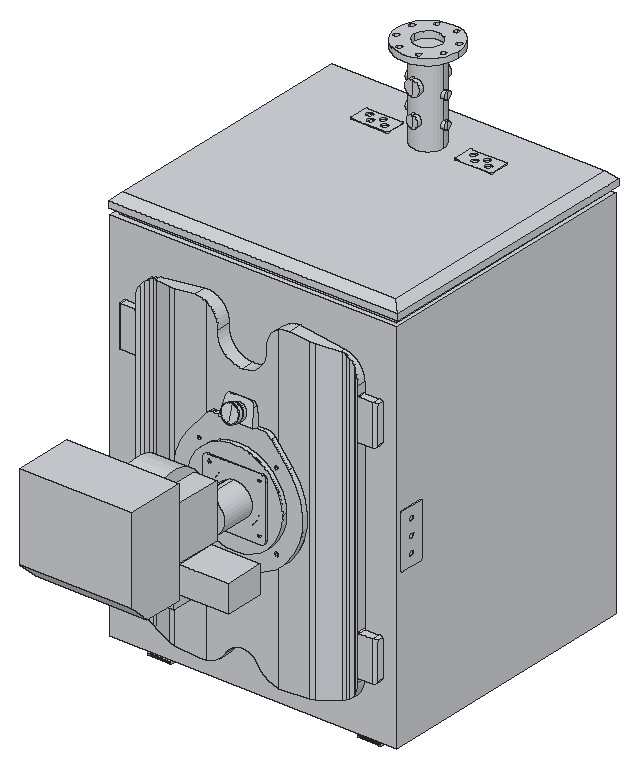
Revit family
Parameters
  Show Burner = yes
  Model = "TS-95-83"
  Manufacturer = "Burnham Commercial Boilers"
  Description = "MPC 5 Boiler"
  Burner = C1-GO-10_MOD_UL : Low Detail
Reference planes (in)
  plane 1 "Center (Front/Back)": y = 0
  plane 2: z = 0
  plane 3 "Left": x = -21.14045
  plane 4 "Right": x = 21.18698
  plane 5 "Front": y = -32.01204
  plane 6 "Back": y = 8.46875
  plane 7 "Bottom": z = 1.9975
  plane 8 "Top 1": z = 57.31
  plane 9 "Top 2": z = 60.185
  plane 10 "Top 3": z = 73.625
Forms (in)
  Extrusion 1, solid
    sketch origin (0, 0, 0) x (1, 0, 0) y (0, 1, 0)
      loop
        line (-21.14045, 8.46875) -> (-21.14045, -32.01204) -> (21.18698, -32.01204) -> (21.18698, 8.46875) -> (-21.14045, 8.46875)
    from 57.31 to 60.185
  Sweep 2, void
    path origin (0, 0, 59.75) x (1, 0, 0) y (0, 1, 0)
      loop
        line (-21.14045, -32.01204) -> (21.18698, -32.01204) -> (21.18698, 8.46875) -> (-21.14045, 8.46875) -> (-21.14045, -32.01204)
    profile origin (-21.14045, -11.77165, 59.75) x (-1, 0, 0) y (0, 0, 1)
      loop
        line (0.04673, 0.435) -> (-1.0993, 0.435) -> (0.04673, -0.67171) -> (0.04673, 0.435)
      loop
        line (0.04673, -1.565) -> (-0.85445, -1.565) -> (-0.85445, -2.44) -> (0.04673, -2.44) -> (0.04673, -1.565)
  Extrusion 3, solid
    sketch origin (0, 0, 0) x (1, 0, 0) y (0, 1, 0)
      loop
        circle (0, 0) r 2.285
    from 60.185 to 72.375
  Extrusion 4, solid
    sketch origin (0, 0, 0) x (1, 0, 0) y (0, 1, 0)
      loop
        circle (0, 0) r 4.5
    from 72.745 to 73.625
  Extrusion 5, solid
    sketch origin (0, 0, 0) x (1, 0, 0) y (0, 1, 0)
      loop
        line (-21, 8.26109) -> (-21, -32.01204) -> (21, -32.01204) -> (21, 8.26109) -> (-21, 8.26109)
    from 1.9975 to 57.31
  Extrusion 6, solid
    sketch origin (0, -6.75, 0) x (0, 1, 0) y (0, 0, 1)
      loop
        line (-22.00296, 1.9975) -> (-22.03008, 1.57834)
        arc (-22.03008, 1.57834) -> (-22.07501, 1.39852) -> (-22.18046, 1.24609) r 0.51709
        line (-22.18046, 1.24609) -> (-22.79508, 0.63147)
        arc (-22.79508, 0.63147) -> (-22.89919, 0.55119) -> (-23.02029, 0.5) r 0.51299
        arc (-23.02029, 0.5) -> (-23.16259, 0.44106) -> (-23.22153, 0.29876) r 0.20124
        line (-23.22153, 0.29876) -> (-23.22153, 0.12275)
        arc (-23.22153, 0.12275) -> (-23.18558, 0.03595) -> (-23.09878, 0) r 0.12275
        line (-23.09878, 0) -> (-18.8952, 0) -> (-18.08816, 1.9975) -> (-22.00296, 1.9975)
    from 13.64682 to 17.0625
  Extrusion 7, solid, not visible
    sketch origin (0, 0, 0) x (0, 1, 0) y (0, 0, 1)
      loop
        line (-22.00296, 1.9975) -> (-22.03008, 1.57834)
        arc (-22.03008, 1.57834) -> (-22.07501, 1.39852) -> (-22.18046, 1.24609) r 0.51709
        line (-22.18046, 1.24609) -> (-22.79508, 0.63147)
        arc (-22.79508, 0.63147) -> (-22.89919, 0.55119) -> (-23.02029, 0.5) r 0.51299
        arc (-23.02029, 0.5) -> (-23.16259, 0.44106) -> (-23.22153, 0.29876) r 0.20124
        line (-23.22153, 0.29876) -> (-23.22153, 0.12275)
        arc (-23.22153, 0.12275) -> (-23.18558, 0.03595) -> (-23.09878, 0) r 0.12275
        line (-23.09878, 0) -> (-18.8952, 0) -> (-18.08816, 1.9975) -> (-22.00296, 1.9975)
    from 13.64682 to 17.0625
  Extrusion 8, solid
    sketch origin (0, -20.42056, 0) x (0, -1, 0) y (0, 0, 1)
      loop
        line (8.3324, 1.9975) -> (4.4176, 1.9975) -> (5.22464, 0) -> (9.42822, 0)
        arc (9.42822, 0) -> (9.51502, 0.03595) -> (9.55097, 0.12275) r 0.12275
        line (9.55097, 0.12275) -> (9.55097, 0.29876)
        arc (9.55097, 0.29876) -> (9.49203, 0.44106) -> (9.34973, 0.5) r 0.20124
        arc (9.34973, 0.5) -> (9.22863, 0.55119) -> (9.12452, 0.63147) r 0.51299
        line (9.12452, 0.63147) -> (8.5099, 1.24609)
        arc (8.5099, 1.24609) -> (8.40445, 1.39852) -> (8.35952, 1.57834) r 0.51709
        line (8.35952, 1.57834) -> (8.3324, 1.9975)
    from 13.64682 to 17.0625
  Extrusion 9, solid
    sketch origin (0, 20.42056, 0) x (0, 1, 0) y (0, 0, 1)
      loop
        line (-18.83816, 1.9975) -> (-22.75296, 1.9975) -> (-21.94592, 0) -> (-17.74234, 0)
        arc (-17.74234, 0) -> (-17.65554, 0.03595) -> (-17.61959, 0.12275) r 0.12275
        line (-17.61959, 0.12275) -> (-17.61959, 0.29876)
        arc (-17.61959, 0.29876) -> (-17.67853, 0.44106) -> (-17.82083, 0.5) r 0.20124
        arc (-17.82083, 0.5) -> (-17.94193, 0.55119) -> (-18.04604, 0.63147) r 0.51299
        line (-18.04604, 0.63147) -> (-18.66067, 1.24609)
        arc (-18.66067, 1.24609) -> (-18.76612, 1.39852) -> (-18.81104, 1.57834) r 0.51709
        line (-18.81104, 1.57834) -> (-18.83816, 1.9975)
    from 13.64682 to 17.0625
  Extrusion 10, solid
    sketch origin (0, -20.42056, 0) x (0, -1, 0) y (0, 0, 1)
      loop
        line (-22.00296, 1.9975) -> (-22.03008, 1.57834)
        arc (-22.03008, 1.57834) -> (-22.07501, 1.39852) -> (-22.18046, 1.24609) r 0.51709
        line (-22.18046, 1.24609) -> (-22.79508, 0.63147)
        arc (-22.79508, 0.63147) -> (-22.89919, 0.55119) -> (-23.02029, 0.5) r 0.51299
        arc (-23.02029, 0.5) -> (-23.16259, 0.44106) -> (-23.22153, 0.29876) r 0.20124
        line (-23.22153, 0.29876) -> (-23.22153, 0.12275)
        arc (-23.22153, 0.12275) -> (-23.18558, 0.03595) -> (-23.09878, 0) r 0.12275
        line (-23.09878, 0) -> (-18.8952, 0) -> (-18.08816, 1.9975) -> (-22.00296, 1.9975)
    from 13.64682 to 17.0625
  Extrusion 11, solid
    sketch origin (0, 27.02232, 0) x (0, 1, 0) y (0, 0, 1)
      loop
        line (-42.84376, 1.9975) -> (-42.07699, 0) -> (-39.07699, 0) -> (-38.3892, 1.9975) -> (-42.84376, 1.9975)
    from 13.64682 to 17.0625
  Extrusion 12, solid, not visible
    sketch origin (0, 27.02232, 0) x (0, 1, 0) y (0, 0, 1)
      loop
        line (-42.84376, 1.9975) -> (-42.07699, 0) -> (-39.07699, 0) -> (-38.3892, 1.9975) -> (-42.84376, 1.9975)
    from 13.64682 to 17.0625
  Extrusion 13, solid
    sketch origin (0, 33.78773, 0) x (0, 1, 0) y (0, 0, 1)
      loop
        line (-42.84376, 1.9975) -> (-42.07699, 0) -> (-39.07699, 0) -> (-38.3892, 1.9975) -> (-42.84376, 1.9975)
    from 13.64682 to 17.0625
  Extrusion 14, solid
    sketch origin (0, -13.53082, 0) x (0, -1, 0) y (0, 0, 1)
      loop
        line (2.29062, 1.9975) -> (-2.16394, 1.9975) -> (-1.47615, 0) -> (1.52385, 0) -> (2.29062, 1.9975)
    from 13.64682 to 17.0625
  Extrusion 15, solid
    sketch origin (0, -6.76541, 0) x (0, -1, 0) y (0, 0, 1)
      loop
        line (2.29062, 1.9975) -> (-2.16394, 1.9975) -> (-1.47615, 0) -> (1.52385, 0) -> (2.29062, 1.9975)
    from 13.64682 to 17.0625
  Extrusion 16, solid
    sketch origin (0, 0, -1.5) x (1, 0, 0) y (0, 1, 0)
      loop
        circle (0, 0) r 2.655
    from 73.875 to 74.245
  Extrusion 17, void
    sketch origin (0, 0, 0) x (1, 0, 0) y (0, 1, 0)
      loop
        circle (0, 0) r 2
    from 60.185 to 73.685
  Extrusion 18, void
    sketch origin (0, 0, 0) x (1, 0, 0) y (0, 1, 0)
      loop
        circle (-1.43525, 3.46364) r 0.37482
    from 72.375 to 73.685
  Extrusion 19, void
    sketch origin (2.87291, 0, 0) x (1, 0, 0) y (0, 1, 0)
      loop
        circle (-1.43525, 3.46364) r 0.37482
    from 72.375 to 73.685
  Extrusion 20, void
    sketch origin (-2.0293, -2.02839, 0) x (1, 0, 0) y (0, 1, 0)
      loop
        circle (-1.43525, 3.46364) r 0.37482
    from 72.375 to 73.685
  Extrusion 21, void
    sketch origin (-2.0293, -4.89852, 0) x (1, 0, 0) y (0, 1, 0)
      loop
        circle (-1.43525, 3.46364) r 0.37482
    from 72.375 to 73.685
  Extrusion 22, void
    sketch origin (0.00018, -6.928, 0) x (1, 0, 0) y (0, 1, 0)
      loop
        circle (-1.43525, 3.46364) r 0.37482
    from 72.375 to 73.685
  Extrusion 23, void
    sketch origin (2.87031, -6.928, 0) x (1, 0, 0) y (0, 1, 0)
      loop
        circle (-1.43525, 3.46364) r 0.37482
    from 72.375 to 73.685
  Extrusion 24, void
    sketch origin (4.8998, -4.89852, 0) x (1, 0, 0) y (0, 1, 0)
      loop
        circle (-1.43525, 3.46364) r 0.37482
    from 72.375 to 73.685
  Extrusion 25, void
    sketch origin (4.8998, -2.02839, 0) x (1, 0, 0) y (0, 1, 0)
      loop
        circle (-1.43525, 3.46364) r 0.37482
    from 72.375 to 73.685
  Extrusion 26, solid
    sketch origin (0, 0, 0) x (1, 0, 0) y (0, 0, 1)
      loop
        circle (0, 29) r 7
    from -10.11351 to -8.26109
  Extrusion 27, solid
    sketch origin (0.00197, -59.60366, 48.99101) x (0, 0, -1) y (-1, 0, 0)
      loop
        circle (0, 0) r 2.285
    from 67.79742 to 72.375
  Extrusion 28, solid
    sketch origin (0.00197, -59.60366, 48.99101) x (0, 0, -1) y (-1, 0, 0)
      loop
        circle (0, 0) r 4.5
    from 72.745 to 73.625
  Extrusion 29, solid
    sketch origin (0.00197, -61.10366, 48.99101) x (0, 0, -1) y (-1, 0, 0)
      loop
        circle (0, 0) r 2.655
    from 73.875 to 74.245
  Extrusion 30, void
    sketch origin (0.00197, -59.60366, 48.99101) x (0, 0, -1) y (-1, 0, 0)
      loop
        circle (0, 0) r 2
    from 67.79742 to 73.685
  Extrusion 31, void
    sketch origin (0.00197, -59.60366, 48.99101) x (0, 0, -1) y (-1, 0, 0)
      loop
        circle (-1.43525, 3.46364) r 0.37482
    from 72.375 to 73.685
  Extrusion 32, void
    sketch origin (0.00197, -59.60366, 46.1181) x (0, 0, -1) y (-1, 0, 0)
      loop
        circle (-1.43525, 3.46364) r 0.37482
    from 72.375 to 73.685
  Extrusion 33, void
    sketch origin (2.03036, -59.60366, 51.02031) x (0, 0, -1) y (-1, 0, 0)
      loop
        circle (-1.43525, 3.46364) r 0.37482
    from 72.375 to 73.685
  Extrusion 34, void
    sketch origin (4.90048, -59.60366, 51.02031) x (0, 0, -1) y (-1, 0, 0)
      loop
        circle (-1.43525, 3.46364) r 0.37482
    from 72.375 to 73.685
  Extrusion 35, void
    sketch origin (6.92997, -59.60366, 48.99082) x (0, 0, -1) y (-1, 0, 0)
      loop
        circle (-1.43525, 3.46364) r 0.37482
    from 72.375 to 73.685
  Extrusion 36, void
    sketch origin (6.92997, -59.60366, 46.1207) x (0, 0, -1) y (-1, 0, 0)
      loop
        circle (-1.43525, 3.46364) r 0.37482
    from 72.375 to 73.685
  Extrusion 37, void
    sketch origin (4.90048, -59.60366, 44.09121) x (0, 0, -1) y (-1, 0, 0)
      loop
        circle (-1.43525, 3.46364) r 0.37482
    from 72.375 to 73.685
  Extrusion 38, void
    sketch origin (2.03036, -59.60366, 44.09121) x (0, 0, -1) y (-1, 0, 0)
      loop
        circle (-1.43525, 3.46364) r 0.37482
    from 72.375 to 73.685
  Extrusion 39, solid, not visible
    sketch origin (34, 0, 0) x (1, 0, 0) y (0, 1, 0)
      loop
        circle (0, 0) r 2.285
    from 67.79742 to 72.375
  Extrusion 40, solid, not visible
    sketch origin (34, 0, 0) x (1, 0, 0) y (0, 1, 0)
      loop
        circle (0, 0) r 4.5
    from 72.745 to 73.625
  Extrusion 41, solid, not visible
    sketch origin (34, 0, -1.5) x (1, 0, 0) y (0, 1, 0)
      loop
        circle (0, 0) r 2.655
    from 73.875 to 74.245
  Extrusion 42, void, not visible
    sketch origin (34, 0, 0) x (1, 0, 0) y (0, 1, 0)
      loop
        circle (0, 0) r 2
    from 67.79742 to 73.685
  Extrusion 43, void, not visible
    sketch origin (34, 0, 0) x (1, 0, 0) y (0, 1, 0)
      loop
        circle (-1.43525, 3.46364) r 0.37482
    from 72.375 to 73.685
  Extrusion 44, void, not visible
    sketch origin (36.87291, 0, 0) x (1, 0, 0) y (0, 1, 0)
      loop
        circle (-1.43525, 3.46364) r 0.37482
    from 72.375 to 73.685
  Extrusion 45, void, not visible
    sketch origin (31.9707, -2.02839, 0) x (1, 0, 0) y (0, 1, 0)
      loop
        circle (-1.43525, 3.46364) r 0.37482
    from 72.375 to 73.685
  Extrusion 46, void, not visible
    sketch origin (31.9707, -4.89852, 0) x (1, 0, 0) y (0, 1, 0)
      loop
        circle (-1.43525, 3.46364) r 0.37482
    from 72.375 to 73.685
  Extrusion 47, void, not visible
    sketch origin (34.00018, -6.928, 0) x (1, 0, 0) y (0, 1, 0)
      loop
        circle (-1.43525, 3.46364) r 0.37482
    from 72.375 to 73.685
  Extrusion 48, void, not visible
    sketch origin (36.87031, -6.928, 0) x (1, 0, 0) y (0, 1, 0)
      loop
        circle (-1.43525, 3.46364) r 0.37482
    from 72.375 to 73.685
  Extrusion 49, void, not visible
    sketch origin (38.8998, -4.89852, 0) x (1, 0, 0) y (0, 1, 0)
      loop
        circle (-1.43525, 3.46364) r 0.37482
    from 72.375 to 73.685
  Extrusion 50, void, not visible
    sketch origin (38.8998, -2.02839, 0) x (1, 0, 0) y (0, 1, 0)
      loop
        circle (-1.43525, 3.46364) r 0.37482
    from 72.375 to 73.685
  Revolve 51, solid
    sketch origin (0, 0, 0) x (0, 1, 0) y (0, 0, 1)
      loop
        line (8.60476, 7.34993) -> (8.26109, 7.34993) -> (8.26109, 7.24947) -> (8.60476, 7.24947) -> (8.60476, 7.34993)
      axis (8.60476, 5.65946) -> (8.26109, 5.65946)
    angle from 0 to 360
  Revolve 52, solid
    sketch origin (0, 0, 0) x (0, 1, 0) y (0, 0, 1)
      loop
        line (9.8257, 51.27691) -> (9.8257, 52.26618) -> (9.3342, 52.26618) -> (9.3342, 52.03856) -> (9.4267, 52.03856) -> (9.4267, 51.86382) -> (9.28848, 51.86382) -> (9.28848, 51.27691) -> (9.8257, 51.27691)
      axis (9.8257, 52.26618) -> (9.8257, 51.27691)
    angle from 0 to 360
  Revolve 53, solid, not visible
    sketch origin (82.99101, 0.00197, 59.60366) x (0, 0, 1) y (-1, 0, 0)
      loop
        line (9.8257, 51.27691) -> (9.8257, 52.26618) -> (9.3342, 52.26618) -> (9.3342, 52.03856) -> (9.4267, 52.03856) -> (9.4267, 51.86382) -> (9.28848, 51.86382) -> (9.28848, 51.27691) -> (9.8257, 51.27691)
      axis (9.8257, 52.26618) -> (9.8257, 51.27691)
    angle from 0 to 360
  Revolve 54, solid
    sketch origin (0, 0, 97.97165) x (0, 1, 0) y (0, 0, -1)
      loop
        line (9.8257, 51.27691) -> (9.8257, 52.26618) -> (9.3342, 52.26618) -> (9.3342, 52.03856) -> (9.4267, 52.03856) -> (9.4267, 51.86382) -> (9.28848, 51.86382) -> (9.28848, 51.27691) -> (9.8257, 51.27691)
      axis (9.8257, 52.26618) -> (9.8257, 51.27691)
    angle from 0 to 360
  Revolve 55, solid, not visible
    sketch origin (-14.98064, 0.00197, 59.60366) x (0, 0, 1) y (-1, 0, 0)
      loop
        line (9.8257, -51.27691) -> (9.28848, -51.27691) -> (9.28848, -51.86382) -> (9.4267, -51.86382) -> (9.4267, -52.03856) -> (9.3342, -52.03856) -> (9.3342, -52.26618) -> (9.8257, -52.26618) -> (9.8257, -51.27691)
      axis (9.8257, -52.26618) -> (9.8257, -51.27691)
    angle from 0 to 360
  Revolve 56, solid
    sketch origin (-49.39118, 0, 77.29947) x (0, 0, -1) y (1, 0, 0)
      loop
        line (9.98626, 51.64118) -> (9.98626, 52.26618) -> (9.43845, 52.26618) -> (9.43845, 51.64118) -> (9.98626, 51.64118)
      axis (9.98626, 52.26618) -> (9.98626, 51.64118)
    angle from 0 to 360
  Extrusion 57, solid, not visible
    sketch origin (0, 0, 0) x (1, 0, 0) y (0, 1, 0)
      loop
        circle (0, 0) r 2.285
    from 60.185 to 72.375
  Extrusion 58, solid, not visible
    sketch origin (0, 0, 0) x (1, 0, 0) y (0, 1, 0)
      loop
        circle (0, 0) r 4.5
    from 72.745 to 73.625
  Extrusion 59, solid, not visible
    sketch origin (0, 0, -1.5) x (1, 0, 0) y (0, 1, 0)
      loop
        circle (0, 0) r 2.655
    from 73.875 to 74.245
  Extrusion 60, void, not visible
    sketch origin (0, 0, 0) x (1, 0, 0) y (0, 1, 0)
      loop
        circle (0, 0) r 2
    from 60.185 to 73.685
  Extrusion 61, void, not visible
    sketch origin (0, 0, 0) x (1, 0, 0) y (0, 1, 0)
      loop
        circle (-1.43525, 3.46364) r 0.37482
    from 72.375 to 73.685
  Extrusion 62, void, not visible
    sketch origin (2.87291, 0, 0) x (1, 0, 0) y (0, 1, 0)
      loop
        circle (-1.43525, 3.46364) r 0.37482
    from 72.375 to 73.685
  Extrusion 63, void, not visible
    sketch origin (-2.0293, -2.02839, 0) x (1, 0, 0) y (0, 1, 0)
      loop
        circle (-1.43525, 3.46364) r 0.37482
    from 72.375 to 73.685
  Extrusion 64, void, not visible
    sketch origin (-2.0293, -4.89852, 0) x (1, 0, 0) y (0, 1, 0)
      loop
        circle (-1.43525, 3.46364) r 0.37482
    from 72.375 to 73.685
  Extrusion 65, void, not visible
    sketch origin (0.00018, -6.928, 0) x (1, 0, 0) y (0, 1, 0)
      loop
        circle (-1.43525, 3.46364) r 0.37482
    from 72.375 to 73.685
  Extrusion 66, void, not visible
    sketch origin (2.87031, -6.928, 0) x (1, 0, 0) y (0, 1, 0)
      loop
        circle (-1.43525, 3.46364) r 0.37482
    from 72.375 to 73.685
  Extrusion 67, void, not visible
    sketch origin (4.8998, -4.89852, 0) x (1, 0, 0) y (0, 1, 0)
      loop
        circle (-1.43525, 3.46364) r 0.37482
    from 72.375 to 73.685
  Extrusion 68, void, not visible
    sketch origin (4.8998, -2.02839, 0) x (1, 0, 0) y (0, 1, 0)
      loop
        circle (-1.43525, 3.46364) r 0.37482
    from 72.375 to 73.685
  Revolve 69, solid, not visible
    sketch origin (-49.39118, 0, 77.29947) x (0, 0, -1) y (1, 0, 0)
      loop
        line (9.98626, 51.64118) -> (9.98626, 52.26618) -> (9.43845, 52.26618) -> (9.43845, 51.64118) -> (9.98626, 51.64118)
      axis (9.98626, 52.26618) -> (9.98626, 51.64118)
    angle from 0 to 360
  Revolve 70, solid
    sketch origin (-49.39118, 0, 73.31678) x (0, 0, -1) y (1, 0, 0)
      loop
        line (9.98626, 51.64118) -> (9.98626, 52.26618) -> (9.43845, 52.26618) -> (9.43845, 51.64118) -> (9.98626, 51.64118)
      axis (9.98626, 52.26618) -> (9.98626, 51.64118)
    angle from 0 to 360
  Revolve 71, solid
    sketch origin (49.39118, 0, 78.04947) x (0, 0, -1) y (1, 0, 0)
      loop
        line (9.98626, -51.64118) -> (9.43845, -51.64118) -> (9.43845, -52.26618) -> (9.98626, -52.26618) -> (9.98626, -51.64118)
      axis (9.98626, -52.26618) -> (9.98626, -51.64118)
    angle from 0 to 360
  Revolve 72, solid
    sketch origin (49.39118, 0, 74.08072) x (0, 0, -1) y (1, 0, 0)
      loop
        line (9.98626, -51.64118) -> (9.43845, -51.64118) -> (9.43845, -52.26618) -> (9.98626, -52.26618) -> (9.98626, -51.64118)
      axis (9.98626, -52.26618) -> (9.98626, -51.64118)
    angle from 0 to 360
  Revolve 73, solid, not visible
    sketch origin (-49.39118, 0, 73.31678) x (0, 0, -1) y (1, 0, 0)
      loop
        line (9.98626, 51.64118) -> (9.98626, 52.26618) -> (9.43845, 52.26618) -> (9.43845, 51.64118) -> (9.98626, 51.64118)
      axis (9.98626, 52.26618) -> (9.98626, 51.64118)
    angle from 0 to 360
  Revolve 74, solid, not visible
    sketch origin (49.39118, 0, 78.04947) x (0, 0, -1) y (1, 0, 0)
      loop
        line (9.98626, -51.64118) -> (9.43845, -51.64118) -> (9.43845, -52.26618) -> (9.98626, -52.26618) -> (9.98626, -51.64118)
      axis (9.98626, -52.26618) -> (9.98626, -51.64118)
    angle from 0 to 360
  Revolve 75, solid, not visible
    sketch origin (49.39118, 0, 74.08072) x (0, 0, -1) y (1, 0, 0)
      loop
        line (9.98626, -51.64118) -> (9.43845, -51.64118) -> (9.43845, -52.26618) -> (9.98626, -52.26618) -> (9.98626, -51.64118)
      axis (9.98626, -52.26618) -> (9.98626, -51.64118)
    angle from 0 to 360
  Revolve 76, solid
    sketch origin (0, 0, 0) x (0, 1, 0) y (0, 0, 1)
      loop
        line (-2.87887, 68.49557) -> (-2.25302, 68.49557) -> (-2.25302, 69.60206) -> (-2.87887, 69.60206) -> (-2.87887, 68.49557)
      axis (-2.87887, 68.49557) -> (-2.25302, 68.49557)
    angle from 0 to 360
  Revolve 77, solid
    sketch origin (0, 0, 0) x (0, -1, 0) y (0, 0, 1)
      loop
        line (-2.87887, 68.49557) -> (-2.25302, 68.49557) -> (-2.25302, 69.60206) -> (-2.87887, 69.60206) -> (-2.87887, 68.49557)
      axis (-2.87887, 68.49557) -> (-2.25302, 68.49557)
    angle from 0 to 360
  Revolve 78, solid
    sketch origin (0, 0, 0) x (0, 1, 0) y (0, 0, 1)
      loop
        line (2.87887, 65.35057) -> (2.2777, 65.35057) -> (2.2777, 64.81335) -> (2.87887, 64.81335) -> (2.87887, 65.35057)
      axis (2.87887, 64.81335) -> (2.2777, 64.81335)
    angle from 0 to 360
  Revolve 79, solid
    sketch origin (0, 0, -0.75) x (0, -1, 0) y (0, 0, 1)
      loop
        line (2.87887, 65.65709) -> (2.2777, 65.65709) -> (2.2777, 64.81335) -> (2.87887, 64.81335) -> (2.87887, 65.65709)
      axis (2.87887, 64.81335) -> (2.2777, 64.81335)
    angle from 0 to 360
  Revolve 80, solid, not visible
    sketch origin (0, 0, 0) x (0, 1, 0) y (0, 0, 1)
      loop
        line (-2.87887, 68.49557) -> (-2.25302, 68.49557) -> (-2.25302, 69.60206) -> (-2.87887, 69.60206) -> (-2.87887, 68.49557)
      axis (-2.87887, 68.49557) -> (-2.25302, 68.49557)
    angle from 0 to 360
  Revolve 81, solid, not visible
    sketch origin (0, 0, 0) x (0, -1, 0) y (0, 0, 1)
      loop
        line (-2.87887, 68.49557) -> (-2.25302, 68.49557) -> (-2.25302, 69.60206) -> (-2.87887, 69.60206) -> (-2.87887, 68.49557)
      axis (-2.87887, 68.49557) -> (-2.25302, 68.49557)
    angle from 0 to 360
  Revolve 82, solid, not visible
    sketch origin (0, 0, 0) x (0, 1, 0) y (0, 0, 1)
      loop
        line (2.87887, 65.35057) -> (2.2777, 65.35057) -> (2.2777, 64.81335) -> (2.87887, 64.81335) -> (2.87887, 65.35057)
      axis (2.87887, 64.81335) -> (2.2777, 64.81335)
    angle from 0 to 360
  Revolve 83, solid, not visible
    sketch origin (0, 0, -0.75) x (0, -1, 0) y (0, 0, 1)
      loop
        line (2.87887, 65.65709) -> (2.2777, 65.65709) -> (2.2777, 64.81335) -> (2.87887, 64.81335) -> (2.87887, 65.65709)
      axis (2.87887, 64.81335) -> (2.2777, 64.81335)
    angle from 0 to 360
  Extrusion 84, solid
    sketch origin (0, 0, 0) x (1, 0, 0) y (0, 0, 1)
      loop
        line (12.03125, 12.78125) -> (5.03125, 12.78125)
        arc (5.03125, 12.78125) -> (4.12527, 12.40598) -> (3.75, 11.5) r 1.28125
        line (3.75, 11.5) -> (3.75, 11.3382)
        spline (3.75, 11.3382) -> (3.74852, 11.31103) -> (3.74409, 11.28419) -> (3.73678, 11.25799) -> (3.72665, 11.23276) -> (3.71384, 11.20879) -> (3.6985, 11.18635) -> (3.6808, 11.16573) -> (3.66096, 11.14715) -> (3.6392, 11.13084) -> (3.6158, 11.11699) -> (3.59102, 11.10577) -> (3.56516, 11.09731)
        line (3.56516, 11.09731) -> (3.06117, 10.96226)
        spline (3.06117, 10.96226) -> (3.04824, 10.95803) -> (3.03585, 10.95242) -> (3.02415, 10.9455) -> (3.01327, 10.93734) -> (3.00335, 10.92805) -> (2.9945, 10.91774) -> (2.98683, 10.90652) -> (2.98042, 10.89454) -> (2.97536, 10.88192) -> (2.9717, 10.86882) -> (2.96949, 10.8554) -> (2.96875, 10.84182)
        line (2.96875, 10.84182) -> (2.96875, 10.68727)
        spline (2.96875, 10.68727) -> (2.96981, 10.67095) -> (2.97298, 10.65492) -> (2.9782, 10.63945) -> (2.98539, 10.62482) -> (2.99441, 10.61125) -> (3.00513, 10.59899) -> (3.01735, 10.58824) -> (3.03088, 10.57919) -> (3.04547, 10.57198) -> (3.06089, 10.56674) -> (3.07687, 10.56356) -> (3.09314, 10.5625)
        line (3.09314, 10.5625) -> (3.4375, 10.5625)
        arc (3.4375, 10.5625) -> (3.625, 10.375) -> (3.4375, 10.1875) r 0.1875
        line (3.4375, 10.1875) -> (3.09314, 10.1875)
        spline (3.09314, 10.1875) -> (3.07687, 10.18643) -> (3.06089, 10.18326) -> (3.04547, 10.17802) -> (3.03088, 10.17081) -> (3.01735, 10.16176) -> (3.00513, 10.15101) -> (2.99441, 10.13875) -> (2.98539, 10.12518) -> (2.9782, 10.11054) -> (2.97298, 10.09508) -> (2.96981, 10.07905) -> (2.96875, 10.06273)
        line (2.96875, 10.06273) -> (2.96875, 9.90818)
        spline (2.96875, 9.90818) -> (2.96949, 9.8946) -> (2.9717, 9.88117) -> (2.97536, 9.86808) -> (2.98042, 9.85546) -> (2.98683, 9.84348) -> (2.9945, 9.83226) -> (3.00335, 9.82195) -> (3.01327, 9.81266) -> (3.02415, 9.8045) -> (3.03585, 9.79758) -> (3.04824, 9.79197) -> (3.06117, 9.78773)
        line (3.06117, 9.78773) -> (3.57377, 9.65038)
        arc (3.57377, 9.65038) -> (3.69875, 9.57159) -> (3.75721, 9.43592) r 0.24939
        arc (3.75721, 9.43592) -> (4.03223, 8.76945) -> (4.62358, 8.35701) r 1.28125
        arc (4.62358, 8.35701) -> (8.53125, 7.71875) -> (12.43892, 8.35701) r 12.28125
        arc (12.43892, 8.35701) -> (13.03027, 8.76945) -> (13.30529, 9.43592) r 1.28125
        arc (13.30529, 9.43592) -> (13.36375, 9.57159) -> (13.48873, 9.65038) r 0.24939
        line (13.48873, 9.65038) -> (14.00133, 9.78773)
        spline (14.00133, 9.78773) -> (14.01426, 9.79197) -> (14.02665, 9.79758) -> (14.03835, 9.8045) -> (14.04923, 9.81266) -> (14.05915, 9.82195) -> (14.068, 9.83226) -> (14.07567, 9.84348) -> (14.08208, 9.85546) -> (14.08714, 9.86808) -> (14.0908, 9.88117) -> (14.09301, 9.8946) -> (14.09375, 9.90818)
        line (14.09375, 9.90818) -> (14.09375, 10.06273)
        spline (14.09375, 10.06273) -> (14.09269, 10.07905) -> (14.08952, 10.09508) -> (14.0843, 10.11054) -> (14.07711, 10.12518) -> (14.06809, 10.13875) -> (14.05737, 10.15101) -> (14.04515, 10.16176) -> (14.03162, 10.17081) -> (14.01703, 10.17802) -> (14.00161, 10.18326) -> (13.98563, 10.18643) -> (13.96936, 10.1875)
        line (13.96936, 10.1875) -> (13.625, 10.1875)
        arc (13.625, 10.1875) -> (13.4375, 10.375) -> (13.625, 10.5625) r 0.1875
        line (13.625, 10.5625) -> (13.96936, 10.5625)
        spline (13.96936, 10.5625) -> (13.98563, 10.56356) -> (14.00161, 10.56674) -> (14.01703, 10.57198) -> (14.03162, 10.57919) -> (14.04515, 10.58824) -> (14.05737, 10.59899) -> (14.06809, 10.61125) -> (14.07711, 10.62482) -> (14.0843, 10.63945) -> (14.08952, 10.65492) -> (14.09269, 10.67095) -> (14.09375, 10.68727)
        line (14.09375, 10.68727) -> (14.09375, 10.84182)
        spline (14.09375, 10.84182) -> (14.09301, 10.8554) -> (14.0908, 10.86882) -> (14.08714, 10.88192) -> (14.08208, 10.89454) -> (14.07567, 10.90652) -> (14.068, 10.91774) -> (14.05915, 10.92805) -> (14.04923, 10.93734) -> (14.03835, 10.9455) -> (14.02665, 10.95242) -> (14.01426, 10.95803) -> (14.00133, 10.96226)
        line (14.00133, 10.96226) -> (13.49734, 11.09731)
        spline (13.49734, 11.09731) -> (13.47148, 11.10577) -> (13.4467, 11.11699) -> (13.4233, 11.13084) -> (13.40154, 11.14715) -> (13.3817, 11.16573) -> (13.364, 11.18635) -> (13.34866, 11.20879) -> (13.33585, 11.23276) -> (13.32572, 11.25799) -> (13.31841, 11.28419) -> (13.31398, 11.31103) -> (13.3125, 11.3382)
        line (13.3125, 11.3382) -> (13.3125, 11.5)
        arc (13.3125, 11.5) -> (12.93723, 12.40598) -> (12.03125, 12.78125) r 1.28125
    from -8.86762 to -8.19376
  Blend 85, solid
    base sketch origin (0, 0, -0.07812) x (1, 0, 0) y (0, 0, 1)
      loop
        line (9.99103, 10.65524) -> (7.07147, 10.65524) -> (7.07147, 10.09476) -> (9.99103, 10.09476) -> (9.99103, 10.65524)
    top sketch origin (0, 0, -0.07812) x (1, 0, 0) y (0, 0, 1)
      loop
        line (9.33942, 10.47078) -> (7.72308, 10.47078) -> (7.72308, 10.27922) -> (9.33942, 10.27922) -> (9.33942, 10.47078)
    from -8.86762 to -9.86762
  Extrusion 86, solid, not visible
    sketch origin (0, 0, 0) x (1, 0, 0) y (0, 0, 1)
      loop
        line (12.03125, 12.78125) -> (5.03125, 12.78125)
        arc (5.03125, 12.78125) -> (4.12527, 12.40598) -> (3.75, 11.5) r 1.28125
        line (3.75, 11.5) -> (3.75, 11.3382)
        spline (3.75, 11.3382) -> (3.74852, 11.31103) -> (3.74409, 11.28419) -> (3.73678, 11.25799) -> (3.72665, 11.23276) -> (3.71384, 11.20879) -> (3.6985, 11.18635) -> (3.6808, 11.16573) -> (3.66096, 11.14715) -> (3.6392, 11.13084) -> (3.6158, 11.11699) -> (3.59102, 11.10577) -> (3.56516, 11.09731)
        line (3.56516, 11.09731) -> (3.06117, 10.96226)
        spline (3.06117, 10.96226) -> (3.04824, 10.95803) -> (3.03585, 10.95242) -> (3.02415, 10.9455) -> (3.01327, 10.93734) -> (3.00335, 10.92805) -> (2.9945, 10.91774) -> (2.98683, 10.90652) -> (2.98042, 10.89454) -> (2.97536, 10.88192) -> (2.9717, 10.86882) -> (2.96949, 10.8554) -> (2.96875, 10.84182)
        line (2.96875, 10.84182) -> (2.96875, 10.68727)
        spline (2.96875, 10.68727) -> (2.96981, 10.67095) -> (2.97298, 10.65492) -> (2.9782, 10.63945) -> (2.98539, 10.62482) -> (2.99441, 10.61125) -> (3.00513, 10.59899) -> (3.01735, 10.58824) -> (3.03088, 10.57919) -> (3.04547, 10.57198) -> (3.06089, 10.56674) -> (3.07687, 10.56356) -> (3.09314, 10.5625)
        line (3.09314, 10.5625) -> (3.4375, 10.5625)
        arc (3.4375, 10.5625) -> (3.625, 10.375) -> (3.4375, 10.1875) r 0.1875
        line (3.4375, 10.1875) -> (3.09314, 10.1875)
        spline (3.09314, 10.1875) -> (3.07687, 10.18643) -> (3.06089, 10.18326) -> (3.04547, 10.17802) -> (3.03088, 10.17081) -> (3.01735, 10.16176) -> (3.00513, 10.15101) -> (2.99441, 10.13875) -> (2.98539, 10.12518) -> (2.9782, 10.11054) -> (2.97298, 10.09508) -> (2.96981, 10.07905) -> (2.96875, 10.06273)
        line (2.96875, 10.06273) -> (2.96875, 9.90818)
        spline (2.96875, 9.90818) -> (2.96949, 9.8946) -> (2.9717, 9.88117) -> (2.97536, 9.86808) -> (2.98042, 9.85546) -> (2.98683, 9.84348) -> (2.9945, 9.83226) -> (3.00335, 9.82195) -> (3.01327, 9.81266) -> (3.02415, 9.8045) -> (3.03585, 9.79758) -> (3.04824, 9.79197) -> (3.06117, 9.78773)
        line (3.06117, 9.78773) -> (3.57377, 9.65038)
        arc (3.57377, 9.65038) -> (3.69875, 9.57159) -> (3.75721, 9.43592) r 0.24939
        arc (3.75721, 9.43592) -> (4.03223, 8.76945) -> (4.62358, 8.35701) r 1.28125
        arc (4.62358, 8.35701) -> (8.53125, 7.71875) -> (12.43892, 8.35701) r 12.28125
        arc (12.43892, 8.35701) -> (13.03027, 8.76945) -> (13.30529, 9.43592) r 1.28125
        arc (13.30529, 9.43592) -> (13.36375, 9.57159) -> (13.48873, 9.65038) r 0.24939
        line (13.48873, 9.65038) -> (14.00133, 9.78773)
        spline (14.00133, 9.78773) -> (14.01426, 9.79197) -> (14.02665, 9.79758) -> (14.03835, 9.8045) -> (14.04923, 9.81266) -> (14.05915, 9.82195) -> (14.068, 9.83226) -> (14.07567, 9.84348) -> (14.08208, 9.85546) -> (14.08714, 9.86808) -> (14.0908, 9.88117) -> (14.09301, 9.8946) -> (14.09375, 9.90818)
        line (14.09375, 9.90818) -> (14.09375, 10.06273)
        spline (14.09375, 10.06273) -> (14.09269, 10.07905) -> (14.08952, 10.09508) -> (14.0843, 10.11054) -> (14.07711, 10.12518) -> (14.06809, 10.13875) -> (14.05737, 10.15101) -> (14.04515, 10.16176) -> (14.03162, 10.17081) -> (14.01703, 10.17802) -> (14.00161, 10.18326) -> (13.98563, 10.18643) -> (13.96936, 10.1875)
        line (13.96936, 10.1875) -> (13.625, 10.1875)
        arc (13.625, 10.1875) -> (13.4375, 10.375) -> (13.625, 10.5625) r 0.1875
        line (13.625, 10.5625) -> (13.96936, 10.5625)
        spline (13.96936, 10.5625) -> (13.98563, 10.56356) -> (14.00161, 10.56674) -> (14.01703, 10.57198) -> (14.03162, 10.57919) -> (14.04515, 10.58824) -> (14.05737, 10.59899) -> (14.06809, 10.61125) -> (14.07711, 10.62482) -> (14.0843, 10.63945) -> (14.08952, 10.65492) -> (14.09269, 10.67095) -> (14.09375, 10.68727)
        line (14.09375, 10.68727) -> (14.09375, 10.84182)
        spline (14.09375, 10.84182) -> (14.09301, 10.8554) -> (14.0908, 10.86882) -> (14.08714, 10.88192) -> (14.08208, 10.89454) -> (14.07567, 10.90652) -> (14.068, 10.91774) -> (14.05915, 10.92805) -> (14.04923, 10.93734) -> (14.03835, 10.9455) -> (14.02665, 10.95242) -> (14.01426, 10.95803) -> (14.00133, 10.96226)
        line (14.00133, 10.96226) -> (13.49734, 11.09731)
        spline (13.49734, 11.09731) -> (13.47148, 11.10577) -> (13.4467, 11.11699) -> (13.4233, 11.13084) -> (13.40154, 11.14715) -> (13.3817, 11.16573) -> (13.364, 11.18635) -> (13.34866, 11.20879) -> (13.33585, 11.23276) -> (13.32572, 11.25799) -> (13.31841, 11.28419) -> (13.31398, 11.31103) -> (13.3125, 11.3382)
        line (13.3125, 11.3382) -> (13.3125, 11.5)
        arc (13.3125, 11.5) -> (12.93723, 12.40598) -> (12.03125, 12.78125) r 1.28125
    from -8.86762 to -8.19376
  Blend 87, solid, not visible
    base sketch origin (0, 0, -0.07812) x (1, 0, 0) y (0, 0, 1)
      loop
        line (9.99103, 10.65524) -> (7.07147, 10.65524) -> (7.07147, 10.09476) -> (9.99103, 10.09476) -> (9.99103, 10.65524)
    top sketch origin (0, 0, -0.07812) x (1, 0, 0) y (0, 0, 1)
      loop
        line (9.33942, 10.47078) -> (7.72308, 10.47078) -> (7.72308, 10.27922) -> (9.33942, 10.27922) -> (9.33942, 10.47078)
    from -8.86762 to -9.86762
  Extrusion 88, solid
    sketch origin (-17.0625, 0, 0) x (1, 0, 0) y (0, 0, 1)
      loop
        line (12.03125, 12.78125) -> (5.03125, 12.78125)
        arc (5.03125, 12.78125) -> (4.12527, 12.40598) -> (3.75, 11.5) r 1.28125
        line (3.75, 11.5) -> (3.75, 11.3382)
        spline (3.75, 11.3382) -> (3.74852, 11.31103) -> (3.74409, 11.28419) -> (3.73678, 11.25799) -> (3.72665, 11.23276) -> (3.71384, 11.20879) -> (3.6985, 11.18635) -> (3.6808, 11.16573) -> (3.66096, 11.14715) -> (3.6392, 11.13084) -> (3.6158, 11.11699) -> (3.59102, 11.10577) -> (3.56516, 11.09731)
        line (3.56516, 11.09731) -> (3.06117, 10.96226)
        spline (3.06117, 10.96226) -> (3.04824, 10.95803) -> (3.03585, 10.95242) -> (3.02415, 10.9455) -> (3.01327, 10.93734) -> (3.00335, 10.92805) -> (2.9945, 10.91774) -> (2.98683, 10.90652) -> (2.98042, 10.89454) -> (2.97536, 10.88192) -> (2.9717, 10.86882) -> (2.96949, 10.8554) -> (2.96875, 10.84182)
        line (2.96875, 10.84182) -> (2.96875, 10.68727)
        spline (2.96875, 10.68727) -> (2.96981, 10.67095) -> (2.97298, 10.65492) -> (2.9782, 10.63945) -> (2.98539, 10.62482) -> (2.99441, 10.61125) -> (3.00513, 10.59899) -> (3.01735, 10.58824) -> (3.03088, 10.57919) -> (3.04547, 10.57198) -> (3.06089, 10.56674) -> (3.07687, 10.56356) -> (3.09314, 10.5625)
        line (3.09314, 10.5625) -> (3.4375, 10.5625)
        arc (3.4375, 10.5625) -> (3.625, 10.375) -> (3.4375, 10.1875) r 0.1875
        line (3.4375, 10.1875) -> (3.09314, 10.1875)
        spline (3.09314, 10.1875) -> (3.07687, 10.18643) -> (3.06089, 10.18326) -> (3.04547, 10.17802) -> (3.03088, 10.17081) -> (3.01735, 10.16176) -> (3.00513, 10.15101) -> (2.99441, 10.13875) -> (2.98539, 10.12518) -> (2.9782, 10.11054) -> (2.97298, 10.09508) -> (2.96981, 10.07905) -> (2.96875, 10.06273)
        line (2.96875, 10.06273) -> (2.96875, 9.90818)
        spline (2.96875, 9.90818) -> (2.96949, 9.8946) -> (2.9717, 9.88117) -> (2.97536, 9.86808) -> (2.98042, 9.85546) -> (2.98683, 9.84348) -> (2.9945, 9.83226) -> (3.00335, 9.82195) -> (3.01327, 9.81266) -> (3.02415, 9.8045) -> (3.03585, 9.79758) -> (3.04824, 9.79197) -> (3.06117, 9.78773)
        line (3.06117, 9.78773) -> (3.57377, 9.65038)
        arc (3.57377, 9.65038) -> (3.69875, 9.57159) -> (3.75721, 9.43592) r 0.24939
        arc (3.75721, 9.43592) -> (4.03223, 8.76945) -> (4.62358, 8.35701) r 1.28125
        arc (4.62358, 8.35701) -> (8.53125, 7.71875) -> (12.43892, 8.35701) r 12.28125
        arc (12.43892, 8.35701) -> (13.03027, 8.76945) -> (13.30529, 9.43592) r 1.28125
        arc (13.30529, 9.43592) -> (13.36375, 9.57159) -> (13.48873, 9.65038) r 0.24939
        line (13.48873, 9.65038) -> (14.00133, 9.78773)
        spline (14.00133, 9.78773) -> (14.01426, 9.79197) -> (14.02665, 9.79758) -> (14.03835, 9.8045) -> (14.04923, 9.81266) -> (14.05915, 9.82195) -> (14.068, 9.83226) -> (14.07567, 9.84348) -> (14.08208, 9.85546) -> (14.08714, 9.86808) -> (14.0908, 9.88117) -> (14.09301, 9.8946) -> (14.09375, 9.90818)
        line (14.09375, 9.90818) -> (14.09375, 10.06273)
        spline (14.09375, 10.06273) -> (14.09269, 10.07905) -> (14.08952, 10.09508) -> (14.0843, 10.11054) -> (14.07711, 10.12518) -> (14.06809, 10.13875) -> (14.05737, 10.15101) -> (14.04515, 10.16176) -> (14.03162, 10.17081) -> (14.01703, 10.17802) -> (14.00161, 10.18326) -> (13.98563, 10.18643) -> (13.96936, 10.1875)
        line (13.96936, 10.1875) -> (13.625, 10.1875)
        arc (13.625, 10.1875) -> (13.4375, 10.375) -> (13.625, 10.5625) r 0.1875
        line (13.625, 10.5625) -> (13.96936, 10.5625)
        spline (13.96936, 10.5625) -> (13.98563, 10.56356) -> (14.00161, 10.56674) -> (14.01703, 10.57198) -> (14.03162, 10.57919) -> (14.04515, 10.58824) -> (14.05737, 10.59899) -> (14.06809, 10.61125) -> (14.07711, 10.62482) -> (14.0843, 10.63945) -> (14.08952, 10.65492) -> (14.09269, 10.67095) -> (14.09375, 10.68727)
        line (14.09375, 10.68727) -> (14.09375, 10.84182)
        spline (14.09375, 10.84182) -> (14.09301, 10.8554) -> (14.0908, 10.86882) -> (14.08714, 10.88192) -> (14.08208, 10.89454) -> (14.07567, 10.90652) -> (14.068, 10.91774) -> (14.05915, 10.92805) -> (14.04923, 10.93734) -> (14.03835, 10.9455) -> (14.02665, 10.95242) -> (14.01426, 10.95803) -> (14.00133, 10.96226)
        line (14.00133, 10.96226) -> (13.49734, 11.09731)
        spline (13.49734, 11.09731) -> (13.47148, 11.10577) -> (13.4467, 11.11699) -> (13.4233, 11.13084) -> (13.40154, 11.14715) -> (13.3817, 11.16573) -> (13.364, 11.18635) -> (13.34866, 11.20879) -> (13.33585, 11.23276) -> (13.32572, 11.25799) -> (13.31841, 11.28419) -> (13.31398, 11.31103) -> (13.3125, 11.3382)
        line (13.3125, 11.3382) -> (13.3125, 11.5)
        arc (13.3125, 11.5) -> (12.93723, 12.40598) -> (12.03125, 12.78125) r 1.28125
    from -8.86762 to -8.19376
  Blend 89, solid
    base sketch origin (-17.0625, 0, -0.07812) x (1, 0, 0) y (0, 0, 1)
      loop
        line (9.99103, 10.65524) -> (7.07147, 10.65524) -> (7.07147, 10.09476) -> (9.99103, 10.09476) -> (9.99103, 10.65524)
    top sketch origin (-17.0625, 0, -0.07812) x (1, 0, 0) y (0, 0, 1)
      loop
        line (9.33942, 10.47078) -> (7.72308, 10.47078) -> (7.72308, 10.27922) -> (9.33942, 10.27922) -> (9.33942, 10.47078)
    from -8.86762 to -9.86762
  Extrusion 90, solid
    sketch origin (0, -6.75, 0) x (0, 1, 0) y (0, 0, 1)
      loop
        arc (-24.50175, 32.89835) -> (-24.67869, 32.8251) -> (-24.75208, 32.64822) r 0.25034
        line (-24.75208, 32.64822) -> (-24.75208, 25.26288)
        arc (-24.75208, 25.26288) -> (-24.67861, 25.08592) -> (-24.50152, 25.01276) r 0.25034
        line (-24.50152, 25.01276) -> (-21.24715, 25.01276)
        arc (-21.24715, 25.01276) -> (-21.07025, 25.08619) -> (-20.99704, 25.26317) r 0.25034
        line (-20.99704, 25.26317) -> (-20.99704, 32.64793)
        arc (-20.99704, 32.64793) -> (-21.07033, 32.825) -> (-21.24738, 32.89835) r 0.25034
        line (-21.24738, 32.89835) -> (-24.50175, 32.89835)
      loop
        circle (-22.87456, 31.27116) r 0.43809
      loop
        circle (-21.81063, 31.95959) r 0.09388
      loop
        circle (-22.87456, 28.95555) r 0.43809
      loop
        circle (-22.87456, 26.63994) r 0.43809
      loop
        circle (-23.93849, 25.95152) r 0.09388
    from 21.18698 to 21.29839
  Extrusion 91, solid
    sketch origin (0, 0, 0) x (1, 0, 0) y (0, 1, 0)
      loop
        arc (-10.12502, 1.71875) -> (-10.3018, 1.64553) -> (-10.37502, 1.46875) r 0.25
        line (-10.37502, 1.46875) -> (-10.37502, -1.03125)
        arc (-10.37502, -1.03125) -> (-10.3018, -1.20803) -> (-10.12502, -1.28125) r 0.25
        line (-10.12502, -1.28125) -> (-5.12502, -1.28125)
        arc (-5.12502, -1.28125) -> (-4.94824, -1.20803) -> (-4.87502, -1.03125) r 0.25
        line (-4.87502, -1.03125) -> (-4.87502, 1.46875)
        arc (-4.87502, 1.46875) -> (-4.94824, 1.64553) -> (-5.12502, 1.71875) r 0.25
        line (-5.12502, 1.71875) -> (-10.12502, 1.71875)
      loop
        circle (-9.12502, 0.71875) r 0.4375
      loop
        circle (-7.12502, 0.71875) r 0.4375
      loop
        circle (-8.12502, -0.28125) r 0.4375
      loop
        circle (-6.12502, -0.28125) r 0.4375
    from 60.185 to 60.25187
  Extrusion 92, solid
    sketch origin (15.25, 0, 0) x (1, 0, 0) y (0, 1, 0)
      loop
        arc (-10.12502, 1.71875) -> (-10.3018, 1.64553) -> (-10.37502, 1.46875) r 0.25
        line (-10.37502, 1.46875) -> (-10.37502, -1.03125)
        arc (-10.37502, -1.03125) -> (-10.3018, -1.20803) -> (-10.12502, -1.28125) r 0.25
        line (-10.12502, -1.28125) -> (-5.12502, -1.28125)
        arc (-5.12502, -1.28125) -> (-4.94824, -1.20803) -> (-4.87502, -1.03125) r 0.25
        line (-4.87502, -1.03125) -> (-4.87502, 1.46875)
        arc (-4.87502, 1.46875) -> (-4.94824, 1.64553) -> (-5.12502, 1.71875) r 0.25
        line (-5.12502, 1.71875) -> (-10.12502, 1.71875)
      loop
        circle (-9.12502, 0.71875) r 0.4375
      loop
        circle (-7.12502, 0.71875) r 0.4375
      loop
        circle (-8.12502, -0.28125) r 0.4375
      loop
        circle (-6.12502, -0.28125) r 0.4375
    from 60.185 to 60.25187
  Extrusion 93, solid, not visible
    sketch origin (0, -15, 0) x (1, 0, 0) y (0, 0, 1)
      loop
        arc (-3.61428, 49.21852) -> (-4.52554, 51.70433) -> (-7.00072, 52.6441) r 3.1875
        arc (-7.00072, 52.6441) -> (-10.28605, 52.32116) -> (-13.5434, 51.78506) r 50.6875
        arc (-13.5434, 51.78506) -> (-15.53151, 50.59477) -> (-16.3125, 48.41316) r 3.4375
        line (-16.3125, 48.41316) -> (-16.3125, 47.1272)
        spline (-16.3125, 47.1272) -> (-16.31357, 47.1109) -> (-16.31674, 47.09488) -> (-16.32198, 47.07943) -> (-16.32919, 47.0648) -> (-16.33824, 47.05124) -> (-16.34899, 47.03899) -> (-16.36124, 47.02824) -> (-16.3748, 47.01919) -> (-16.38943, 47.01198) -> (-16.40488, 47.00674) -> (-16.4209, 47.00357) -> (-16.4372, 47.0025)
        line (-16.4372, 47.0025) -> (-18.50122, 47.0025)
        spline (-18.50122, 47.0025) -> (-18.56642, 46.99824) -> (-18.63047, 46.98553) -> (-18.69228, 46.96458) -> (-18.7508, 46.93576) -> (-18.80503, 46.89954) -> (-18.85406, 46.85656) -> (-18.89704, 46.80753) -> (-18.93326, 46.7533) -> (-18.96208, 46.69478) -> (-18.98303, 46.63297) -> (-18.99574, 46.56892) -> (-19, 46.50372)
        line (-19, 46.50372) -> (-19, 45.315) -> (-18.99264, 45.27669)
        spline (-18.99264, 45.27669) -> (-18.99182, 45.27174) -> (-18.99104, 45.26562) -> (-18.99031, 45.2584) -> (-18.98963, 45.25015) -> (-18.98902, 45.24096) -> (-18.98847, 45.23093) -> (-18.988, 45.22015) -> (-18.9876, 45.20874) -> (-18.98729, 45.19682) -> (-18.98707, 45.18451) -> (-18.98693, 45.17193) -> (-18.98689, 45.15923)
        line (-18.98689, 45.15923) -> (-18.98689, 43.72077)
        spline (-18.98689, 43.72077) -> (-18.98693, 43.70807) -> (-18.98707, 43.69549) -> (-18.98729, 43.68318) -> (-18.9876, 43.67126) -> (-18.988, 43.65985) -> (-18.98847, 43.64907) -> (-18.98902, 43.63904) -> (-18.98963, 43.62985) -> (-18.99031, 43.6216) -> (-18.99104, 43.61438) -> (-18.99182, 43.60826) -> (-18.99264, 43.60331)
        line (-18.99264, 43.60331) -> (-19, 43.565) -> (-19, 41.56378)
        spline (-19, 41.56378) -> (-18.99574, 41.49858) -> (-18.98303, 41.43453) -> (-18.96208, 41.37272) -> (-18.93326, 41.3142) -> (-18.89704, 41.25997) -> (-18.85406, 41.21094) -> (-18.80503, 41.16796) -> (-18.7508, 41.13175) -> (-18.69228, 41.10292) -> (-18.63047, 41.08197) -> (-18.56642, 41.06926) -> (-18.50122, 41.065)
        line (-18.50122, 41.065) -> (-16.43696, 41.065)
        spline (-16.43696, 41.065) -> (-16.42068, 41.06391) -> (-16.40469, 41.06071) -> (-16.38927, 41.05545) -> (-16.37466, 41.04823) -> (-16.36113, 41.03918) -> (-16.3489, 41.02843) -> (-16.33818, 41.01618) -> (-16.32915, 41.00263) -> (-16.32196, 40.98801) -> (-16.31673, 40.97258) -> (-16.31356, 40.95658) -> (-16.3125, 40.9403)
        line (-16.3125, 40.9403) -> (-16.3125, 16.1272)
        spline (-16.3125, 16.1272) -> (-16.31357, 16.1109) -> (-16.31674, 16.09488) -> (-16.32198, 16.07943) -> (-16.32919, 16.0648) -> (-16.33824, 16.05124) -> (-16.34899, 16.03899) -> (-16.36124, 16.02824) -> (-16.3748, 16.01919) -> (-16.38943, 16.01198) -> (-16.40488, 16.00674) -> (-16.4209, 16.00357) -> (-16.4372, 16.0025)
        line (-16.4372, 16.0025) -> (-18.50172, 16.0025)
        spline (-18.50172, 16.0025) -> (-18.56687, 15.99818) -> (-18.63087, 15.98542) -> (-18.69262, 15.96444) -> (-18.75109, 15.93559) -> (-18.80526, 15.89936) -> (-18.85423, 15.85638) -> (-18.89717, 15.80737) -> (-18.93334, 15.75315) -> (-18.96213, 15.69466) -> (-18.98305, 15.63289) -> (-18.99574, 15.56888) -> (-19, 15.50372)
        line (-19, 15.50372) -> (-19, 14.315) -> (-18.99264, 14.27669)
        spline (-18.99264, 14.27669) -> (-18.99182, 14.27174) -> (-18.99104, 14.26562) -> (-18.99031, 14.2584) -> (-18.98963, 14.25015) -> (-18.98902, 14.24096) -> (-18.98847, 14.23093) -> (-18.988, 14.22015) -> (-18.9876, 14.20874) -> (-18.98729, 14.19682) -> (-18.98707, 14.18451) -> (-18.98693, 14.17193) -> (-18.98689, 14.15923)
        line (-18.98689, 14.15923) -> (-18.98689, 12.72077)
        spline (-18.98689, 12.72077) -> (-18.98693, 12.70807) -> (-18.98707, 12.69549) -> (-18.98729, 12.68318) -> (-18.9876, 12.67126) -> (-18.988, 12.65985) -> (-18.98847, 12.64907) -> (-18.98902, 12.63904) -> (-18.98963, 12.62985) -> (-18.99031, 12.6216) -> (-18.99104, 12.61438) -> (-18.99182, 12.60826) -> (-18.99264, 12.60331)
        line (-18.99264, 12.60331) -> (-19, 12.565) -> (-19, 10.56378)
        spline (-19, 10.56378) -> (-18.99574, 10.49858) -> (-18.98303, 10.43453) -> (-18.96208, 10.37272) -> (-18.93326, 10.3142) -> (-18.89704, 10.25997) -> (-18.85406, 10.21094) -> (-18.80503, 10.16796) -> (-18.7508, 10.13175) -> (-18.69228, 10.10292) -> (-18.63047, 10.08197) -> (-18.56642, 10.06926) -> (-18.50122, 10.065)
        line (-18.50122, 10.065) -> (-16.43684, 10.065)
        spline (-16.43684, 10.065) -> (-16.42057, 10.06389) -> (-16.40459, 10.06068) -> (-16.38918, 10.05542) -> (-16.37459, 10.04819) -> (-16.36108, 10.03913) -> (-16.34886, 10.02839) -> (-16.33815, 10.01614) -> (-16.32913, 10.0026) -> (-16.32195, 9.98799) -> (-16.31673, 9.97256) -> (-16.31356, 9.95658) -> (-16.3125, 9.9403)
        line (-16.3125, 9.9403) -> (-16.3125, 9.46684)
        arc (-16.3125, 9.46684) -> (-15.53151, 7.28523) -> (-13.5434, 6.09495) r 3.4375
        arc (-13.5434, 6.09495) -> (-9.91075, 5.51099) -> (-6.2453, 5.19208) r 50.6875
        arc (-6.2453, 5.19208) -> (-3.98491, 5.70109) -> (-2.3142, 7.30643) r 4.3125
        arc (-2.3142, 7.30643) -> (-1.33236, 8.27398) -> (0, 8.6275) r 2.6875
        arc (0, 8.6275) -> (1.33236, 8.27398) -> (2.3142, 7.30643) r 2.6875
        arc (2.3142, 7.30643) -> (3.98491, 5.70109) -> (6.2453, 5.19208) r 4.3125
        arc (6.2453, 5.19208) -> (9.91075, 5.51099) -> (13.5434, 6.09495) r 50.6875
        arc (13.5434, 6.09495) -> (15.53151, 7.28523) -> (16.3125, 9.46684) r 3.4375
        line (16.3125, 9.46684) -> (16.3125, 9.9403)
        spline (16.3125, 9.9403) -> (16.31356, 9.95658) -> (16.31673, 9.97256) -> (16.32195, 9.98799) -> (16.32913, 10.0026) -> (16.33815, 10.01614) -> (16.34886, 10.02839) -> (16.36108, 10.03913) -> (16.37459, 10.04819) -> (16.38918, 10.05542) -> (16.40459, 10.06068) -> (16.42057, 10.06389) -> (16.43684, 10.065)
        line (16.43684, 10.065) -> (18.50122, 10.065)
        spline (18.50122, 10.065) -> (18.56642, 10.06926) -> (18.63047, 10.08197) -> (18.69228, 10.10292) -> (18.7508, 10.13175) -> (18.80503, 10.16796) -> (18.85406, 10.21094) -> (18.89704, 10.25997) -> (18.93326, 10.3142) -> (18.96208, 10.37272) -> (18.98303, 10.43453) -> (18.99574, 10.49858) -> (19, 10.56378)
        line (19, 10.56378) -> (19, 12.565) -> (18.99264, 12.60331)
        spline (18.99264, 12.60331) -> (18.99182, 12.60826) -> (18.99104, 12.61438) -> (18.99031, 12.6216) -> (18.98963, 12.62985) -> (18.98902, 12.63904) -> (18.98847, 12.64907) -> (18.988, 12.65985) -> (18.9876, 12.67126) -> (18.98729, 12.68318) -> (18.98707, 12.69549) -> (18.98693, 12.70807) -> (18.98689, 12.72077)
        line (18.98689, 12.72077) -> (18.98689, 14.15923)
        spline (18.98689, 14.15923) -> (18.98693, 14.17193) -> (18.98707, 14.18451) -> (18.98729, 14.19682) -> (18.9876, 14.20874) -> (18.988, 14.22015) -> (18.98847, 14.23093) -> (18.98902, 14.24096) -> (18.98963, 14.25015) -> (18.99031, 14.2584) -> (18.99104, 14.26562) -> (18.99182, 14.27174) -> (18.99264, 14.27669)
        line (18.99264, 14.27669) -> (19, 14.315) -> (19, 15.50372)
        spline (19, 15.50372) -> (18.99574, 15.56888) -> (18.98305, 15.63289) -> (18.96213, 15.69466) -> (18.93334, 15.75315) -> (18.89717, 15.80737) -> (18.85423, 15.85638) -> (18.80526, 15.89936) -> (18.75109, 15.93559) -> (18.69262, 15.96444) -> (18.63087, 15.98542) -> (18.56687, 15.99818) -> (18.50172, 16.0025)
        line (18.50172, 16.0025) -> (16.4372, 16.0025)
        spline (16.4372, 16.0025) -> (16.4209, 16.00357) -> (16.40488, 16.00674) -> (16.38943, 16.01198) -> (16.3748, 16.01919) -> (16.36124, 16.02824) -> (16.34899, 16.03899) -> (16.33824, 16.05124) -> (16.32919, 16.0648) -> (16.32198, 16.07943) -> (16.31674, 16.09488) -> (16.31357, 16.1109) -> (16.3125, 16.1272)
        line (16.3125, 16.1272) -> (16.3125, 40.9403)
        spline (16.3125, 40.9403) -> (16.31356, 40.95658) -> (16.31673, 40.97258) -> (16.32196, 40.98801) -> (16.32915, 41.00263) -> (16.33818, 41.01618) -> (16.3489, 41.02843) -> (16.36113, 41.03918) -> (16.37466, 41.04823) -> (16.38927, 41.05545) -> (16.40469, 41.06071) -> (16.42068, 41.06391) -> (16.43696, 41.065)
        line (16.43696, 41.065) -> (18.50122, 41.065)
        spline (18.50122, 41.065) -> (18.56642, 41.06926) -> (18.63047, 41.08197) -> (18.69228, 41.10292) -> (18.7508, 41.13175) -> (18.80503, 41.16796) -> (18.85406, 41.21094) -> (18.89704, 41.25997) -> (18.93326, 41.3142) -> (18.96208, 41.37272) -> (18.98303, 41.43453) -> (18.99574, 41.49858) -> (19, 41.56378)
        line (19, 41.56378) -> (19, 43.565) -> (18.99264, 43.60331)
        spline (18.99264, 43.60331) -> (18.99182, 43.60826) -> (18.99104, 43.61438) -> (18.99031, 43.6216) -> (18.98963, 43.62985) -> (18.98902, 43.63904) -> (18.98847, 43.64907) -> (18.988, 43.65985) -> (18.9876, 43.67126) -> (18.98729, 43.68318) -> (18.98707, 43.69549) -> (18.98693, 43.70807) -> (18.98689, 43.72077)
        line (18.98689, 43.72077) -> (18.98689, 45.15923)
        spline (18.98689, 45.15923) -> (18.98693, 45.17193) -> (18.98707, 45.18451) -> (18.98729, 45.19682) -> (18.9876, 45.20874) -> (18.988, 45.22015) -> (18.98847, 45.23093) -> (18.98902, 45.24096) -> (18.98963, 45.25015) -> (18.99031, 45.2584) -> (18.99104, 45.26562) -> (18.99182, 45.27174) -> (18.99264, 45.27669)
        line (18.99264, 45.27669) -> (19, 45.315) -> (19, 46.50372)
        spline (19, 46.50372) -> (18.99574, 46.56892) -> (18.98303, 46.63297) -> (18.96208, 46.69478) -> (18.93326, 46.7533) -> (18.89704, 46.80753) -> (18.85406, 46.85656) -> (18.80503, 46.89954) -> (18.7508, 46.93576) -> (18.69228, 46.96458) -> (18.63047, 46.98553) -> (18.56642, 46.99824) -> (18.50122, 47.0025)
        line (18.50122, 47.0025) -> (16.4372, 47.0025)
        spline (16.4372, 47.0025) -> (16.4209, 47.00357) -> (16.40488, 47.00674) -> (16.38943, 47.01198) -> (16.3748, 47.01919) -> (16.36124, 47.02824) -> (16.34899, 47.03899) -> (16.33824, 47.05124) -> (16.32919, 47.0648) -> (16.32198, 47.07943) -> (16.31674, 47.09488) -> (16.31357, 47.1109) -> (16.3125, 47.1272)
        line (16.3125, 47.1272) -> (16.3125, 48.41316)
        arc (16.3125, 48.41316) -> (15.53151, 50.59477) -> (13.5434, 51.78506) r 3.4375
        arc (13.5434, 51.78506) -> (10.28605, 52.32116) -> (7.00072, 52.6441) r 50.6875
        arc (7.00072, 52.6441) -> (4.52554, 51.70433) -> (3.61428, 49.21852) r 3.1875
        arc (3.61428, 49.21852) -> (2.65991, 46.47718) -> (0, 45.315) r 3.625
        arc (0, 45.315) -> (-2.65991, 46.47718) -> (-3.61428, 49.21852) r 3.625
    from 25.25296 to 28.1175
  Extrusion 94, void, not visible
    sketch origin (0.97589, -15, 0) x (1, 0, 0) y (0, 1, 0)
      loop
        line (18.02412, -24.61055) -> (17.92994, -25.95728)
        arc (17.92994, -25.95728) -> (17.77216, -26.28808) -> (17.43116, -26.42241) r 0.5
        line (17.43116, -26.42241) -> (15.26315, -26.42241)
        arc (15.26315, -26.42241) -> (15.01648, -26.35732) -> (14.83402, -26.17902) r 0.5
        arc (14.83402, -26.17902) -> (14.61293, -26.04114) -> (14.35851, -25.98491) r 0.76995
        line (14.35851, -25.98491) -> (13.76265, -25.98491) -> (13.12331, -25.98491)
        arc (13.12331, -25.98491) -> (12.86283, -26.00769) -> (12.61028, -26.07537) r 1.5
        line (12.61028, -26.07537) -> (9.69908, -27.13496)
        arc (9.69908, -27.13496) -> (9.28373, -27.20983) -> (8.86243, -27.23491) r 3.55166
        line (8.86243, -27.23491) -> (4.39482, -27.23491) -> (-6.37273, -27.23491) -> (-10.84033, -27.23491)
        arc (-10.84033, -27.23491) -> (-11.28186, -27.20625) -> (-11.71598, -27.12076) r 3.41583
        line (-11.71598, -27.12076) -> (-14.58818, -26.07537)
        arc (-14.58818, -26.07537) -> (-14.84074, -26.00769) -> (-15.10121, -25.98491) r 1.5
        line (-15.10121, -25.98491) -> (-15.74055, -25.98491) -> (-16.37069, -25.98491)
        arc (-16.37069, -25.98491) -> (-16.60975, -26.04975) -> (-16.81639, -26.18634) r 0.77938
        arc (-16.81639, -26.18634) -> (-16.99812, -26.35942) -> (-17.24105, -26.42241) r 0.5
        line (-17.24105, -26.42241) -> (-19.40906, -26.42241)
        arc (-19.40906, -26.42241) -> (-19.75006, -26.28808) -> (-19.90784, -25.95728) r 0.5
        line (-19.90784, -25.95728) -> (-19.97589, -24.98426) -> (-19.97589, -29.00296) -> (18.02412, -29.00296) -> (18.02412, -24.61055)
    from 0 to 54.3983
  Extrusion 95, solid, not visible
    sketch origin (0, -15, 0) x (1, 0, 0) y (0, 0, 1)
      loop
        circle (0, 29) r 7
      loop
        circle (0, 28.94) r 3.375
      loop
        circle (3.53553, 32.47553) r 0.25
      loop
        circle (-3.53553, 32.47553) r 0.25
      loop
        circle (-3.53553, 25.40447) r 0.25
      loop
        circle (3.53553, 25.40447) r 0.25
    from 27.92983 to 28.62038
  Revolve 96, solid, not visible
    sketch origin (0, -15, 0) x (0, 1, 0) y (0, 0, 1)
      loop
        line (-28.63671, 41.56616) -> (-29.1555, 41.68593)
        arc (-29.1555, 41.68593) -> (-29.18514, 41.68124) -> (-29.2032, 41.65727) r 0.04005
        line (-29.2032, 41.65727) -> (-29.52826, 40.4441) -> (-28.031, 40.0429) -> (-27.72316, 41.19179) -> (-28.21713, 41.32415) -> (-28.27076, 41.26705) -> (-28.29592, 41.35041) -> (-28.35553, 41.28695) -> (-28.38069, 41.37031) -> (-28.4403, 41.30685) -> (-28.46546, 41.39021) -> (-28.52507, 41.32674) -> (-28.55023, 41.41011) -> (-28.60984, 41.34664) -> (-28.63499, 41.43) -> (-28.68844, 41.37311) -> (-28.63671, 41.56616)
      axis (-29.52828, 40.4441) -> (-28.031, 40.0429)
    angle from 0 to 360
  Extrusion 97, solid, not visible
    sketch origin (0, -27.83144, -6.38142) x (1, 0, 0) y (0, 0.292372, 0.956305)
      loop
        line (-2.08755, 41.26626) -> (-2.50293, 38.67025) -> (0, 38.67025) -> (2.50293, 38.67025) -> (2.08755, 41.26626)
